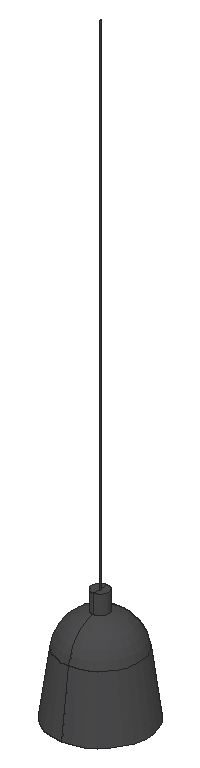
Revit family "Lighting_Pendants_Zero_Convex_Mini", category Lighting Fixtures, host Ceiling, Revit 2020
Family settings
  Host = Ceiling
  Round Connector Dimension = Use Diameter
  Part Type = Normal
  OmniClass Number = 23.80.70.00
  OmniClass Title = Lighting
  Always vertical = Yes
  Cut with Voids When Loaded = No
  Light Source = Yes
  Shared = No
  Room Calculation Point = No
Parameters (values of type "Convex mini 5W/422LM Black")
  Youtube clip = ""
  Weight Net (Kg) = "0"
  Wattage = 2.84095 W
  WarrantyStartDate [instance] = "n/a"
  WarrantyGuarantorParts = "n/a"
  WarrantyGuarantorLabor = "n/a"
  WarrantyDurationUnit = "Year"
  WarrantyDurationParts = "n/a"
  WarrantyDurationLabor = "n/a"
  WarrantyDescription = "n/a"
  built-in parameter 1150110 = 1 (stored number, unit not read)
  VersionDate = "31/08/2023"  # constant formula
  Version = "3"  # constant formula
  UsageCurrent = 0 A
  Uniformat II Description = ""
  Uniformat II Code = ""
  Uniclass2015Reference = "Pr_70_70_48_86"
  Uniclass2015Description = "Suspended luminaires"
  Uniclass2 = "Pr_70_70_49_86"
  Uniclass 2015 Name = ""
  Uniclass 2015 Code = ""
  Uniclass 2.0 Description = ""
  Uniclass 2.0 Code = ""
  Uniclass 1.4 Description = ""
  Uniclass 1.4 Code = ""
  URL = "https://www.zerolighting.com/pendants#/convexmini-inompe"
  UNSPSC Code = ""
  TotalWattage = 5 W
  built-in parameter 1114217 = 1 (stored number, unit not read)
  Tilt Angle = 90.00°
  built-in parameter 1150109 = 1 (stored number, unit not read)
  built-in parameter 1150134 = (empty or 0)
  Technical description = ""
  TagNumber [instance] = "n/a"
  SustainabilityPerformance = "n/a"
  built-in parameter 1150113 = 1 (stored number, unit not read)
  Size = "124x124x124 mm"
  Shape = "Sculptured"
  SerialNumber [instance] = "n/a"
  Revision = "2"  # constant formula
  ReplacementCost = "n/a"
  Region South America = "All"
  Region Oceania = "All"
  Region North America = "All"
  Region Middle East = "All"
  Region Europe = "All"
  Region Asia = "All"
  Region Antarctica = "All"
  Region Africa = "All"
  ProductInformation = "Another of Zero’s big, popular families, Convex Mini is now the smallest pendant fixture in the family. It looks great in groups: individually or together with members of the same family. Standard versions available in black, white and galvanised metal. Convex comes with a dimmable GU10 LED 5W or 7W."
  ProductDatasheet = "https://static1.squarespace.com/static/5943d7dcc534a5f4dd214abc/t/5da03274a9044208b662bb0c/1570779770464/Convex-Mini.pdf"
  Product group = "Pendants"
  Product family = "Convex"
  Product certification = ""
  Product SKU = "Convex_Mini"
  Product Guid = "79cee778-a27e-4344-81be-e75fb380c960"
  Photometric Web File = "Convex8408-1-2700K.IES"
  PhaseReference = "n/a"
  PhaseAngle = 0.00°
  OmniClass Description = ""
  OmniClass Code = ""
  NumberOfSources = 0
  NumberOfPoles = 1
  Nominal_Width = 124 mm
  Nominal_Radius = 62 mm
  Nominal_Length = 124 mm
  Nominal_Height = 185 mm
  Nominal_Diameter = 124 mm
  NominalVoltageCalc = 0 V
  NominalVoltage = 230 V
  NominalFrequencyRange = 50 Hz
  NominalCurrent = 0 A
  Nominal width = 0 mm
  Nominal height = 0 mm
  Name = "Zero_Convex_Mini"  # constant formula
  NBSReference = "90-60-50/405"
  NBSDescription = "General purpose luminaires"
  NBS Reference Description = ""
  NBS Reference Code = ""
  ModelReference = ArticleNumber  # "8408106-27"
  ModelNumber = "n/a"
  Model = "Convex mini 5W/422LM Black"
  Material secondary = ""
  Material main = ""
  Material = "Metal & plastic"
  Masterformat 2014 Description = ""
  Masterformat 2014 Code = ""
  ManufacturersSpecificInformation = "n/a"
  ManufacturerURL = "https://www.zerolighting.com/"
  ManufacturerName = "Zero"
  Manufacturer name = "ZERO"
  Manufacturer country = ""
  Manufacturer = "Zero"
  MaintenanceFactor = 0
  Lumens = 422 lm
  built-in parameter 1150115 = 1 (stored number, unit not read)
  built-in parameter 1150105 = 724.26 (stored number, unit not read)
  LightFixtureTertiaryMaterial = Black 9005 RAL
  LightFixturePlacingType = "Ceiling"
  LightFixtureMountingType = "Suspended"
  LightFixtureMainMaterial = Black 9005 RAL
  built-in parameter 1150137 = (empty or 0)
  built-in parameter 1150139 = (empty or 0)
  LensMaterial = Mat Acrylic
  built-in parameter 1150112 = 1 (stored number, unit not read)
  built-in parameter 1150114 = 1 (stored number, unit not read)
  InsulationStandardClass = "n/a"
  InstallationDate [instance] = "n/a"
  Installation instructions = ""
  built-in parameter 1150132 = 2
  built-in parameter 1150102 = (empty or 0)
  built-in parameter 1150138 = (empty or 0)
  built-in parameter 1150107 = 2700 (stored number, unit not read)
  built-in parameter 1150106 = 7.2426 (stored number, unit not read)
  IfcExportType = "NOTDEFINED"  # constant formula
  IfcExportAs = "IfcLightFixtureType"  # constant formula
  IP_Code = "IP20"
  IFC Classification = ""
  HasProtectiveEarth = no
  Grade = "n/a"
  GTIN code = ""
  Finish = "Painted metal. Grey RAL 9006, black NCS S 9000N.Black RAL 9005,white RAL 9010 or galvanized. Other colours on request."
  Features = "Terminal block 3x4mm2 in ceiling cup"
  ExpectedLife = "n/a"
  ElectricalDeviceNominalPower = 5
  built-in parameter 1150104 = 13.8 (stored number, unit not read)
  Edition number = 1
  EANNumber = ""
  DurationUnit = "Year"
  Dimming Lamp Color Temperature Shift = <None>
  Designer = "Jens Fager"
  Design country = ""
  Description = "Another of Zero’s big, popular families, Convex Mini is now the smallest pendant fixture in the family. It looks great in groups: individually or together with members of the same family. Standard versions available in black, white and galvanised metal. Convex comes with a dimmable GU10 LED 5W or 7W."
  DefaultElevation = 0 mm
  Default Elevation = 0 mm
  Date of publishing = ""
  Constituents = "n/a"
  Color Filter = 16777215
  Color = "Black"
  Collection = "Convex"
  CodePerformance = "n/a"
  Category = "Pendant Fixtures"
  TotalHeight [instance] = 800 mm
  TotalHeightControl [instance] = if(TotalHeight < 300 mm, 300 mm, (if(TotalHeight > 2500 mm, 2500 mm, TotalHeight)))  # 800 mm
  CRI = "90"
  COBIe Type Category = ""
  Brand url = "http://www.zero.se"
  Brand = "Zero"
  Barcode [instance] = "n/a"
  built-in parameter 1114218 = 1 (stored number, unit not read)
  BIMObjectName = "Lighting_Pendants_Zero_Convex_Mini"  # constant formula
  Author = "BIMstone"  # constant formula
  built-in parameter 1150133 = 10 (stored number, unit not read)
  AssetType = "Fixed"
  AssetIdentifier [instance] = "n/a"
  ArticleNumber = "8408106-27"
  AccessibilityPerformance = "n/a"
Types (6, lengths in mm): name | Wattage | TotalWattage | Photometric Web File | ModelReference | Model | Lumens | built-in parameter 1150105 | LightFixtureTertiaryMaterial | LightFixtureMainMaterial | built-in parameter 1150107 | built-in parameter 1150106 | ElectricalDeviceNominalPower | Color | CRI | ArticleNumber
  Convex mini 5W/422LM White | 2.84095 W | 5 W | "Convex8408-1-2700K.IES" | "8408101-27" | "Convex mini 5W/422LM White" | 422 lm | 724.26 (stored number, unit not read) | White RAL 9010 | White RAL 9010 | 2700 (stored number, unit not read) | 7.2426 (stored number, unit not read) | 5 | "White" | "90" | "8408101-27"
  Convex mini 5W/422LM Black | 2.84095 W | 5 W | "Convex8408-1-2700K.IES" | "8408106-27" | "Convex mini 5W/422LM Black" | 422 lm | 724.26 (stored number, unit not read) | Black 9005 RAL | Black 9005 RAL | 2700 (stored number, unit not read) | 7.2426 (stored number, unit not read) | 5 | "Black" | "90" | "8408106-27"
  Convex mini 7W/685LM Galvanized | 4.61149 W | 7 W | "Convex8408-1-30000K.IES" | "8408183-30" | "Convex mini 7W/685LM Galvanized" | 685 lm | 988.32 (stored number, unit not read) | Black 9005 RAL | Galvanized | 3000 (stored number, unit not read) | 9.8832 (stored number, unit not read) | 7 | "Silver" | "80" | "8408183-30"
  Convex mini 7W/685LM Black | 4.61149 W | 7 W | "Convex8408-1-30000K.IES" | "8408106-30" | "Convex mini 7W/685LM Black" | 685 lm | 988.32 (stored number, unit not read) | Black 9005 RAL | Black 9005 RAL | 3000 (stored number, unit not read) | 9.8832 (stored number, unit not read) | 7 | "Black" | "80" | "8408106-30"
  Convex mini 5W/422LM Galvanized | 2.84095 W | 5 W | "Convex8408-1-2700K.IES" | "8408183-27" | "Convex mini 5W/422LM Black" | 422 lm | 724.26 (stored number, unit not read) | Black 9005 RAL | Galvanized | 2700 (stored number, unit not read) | 7.2426 (stored number, unit not read) | 5 | "Silver" | "90" | "8408183-27"
  Convex mini 7W/685LM White | 4.61149 W | 7 W | "Convex8408-1-30000K.IES" | "8408101-30" | "Convex mini 7W/685LM White" | 685 lm | 988.32 (stored number, unit not read) | White RAL 9010 | White RAL 9010 | 3000 (stored number, unit not read) | 9.8832 (stored number, unit not read) | 7 | "White" | "80" | "8408101-30"
Reference planes
  plane 1 "Light Source Axis (F/B)": y = 0
  plane 2: z = 0
  plane 3 "Light Source Axis (L/R)": x = 0
  plane 4 "Ceiling": z = 0
  plane 5 "Light Source Elevation": z = -800
  plane 6: y = 62
  plane 7: y = -62
  plane 8: x = -62
  plane 9: x = 62
  plane 10: z = -652
Forms (mm)
  Extrusion 1, solid, material "Black 9005 RAL" <- "LightFixtureTertiaryMaterial", detail levels medium+fine
    sketch origin (0, 51.698, -800) x (-1, 0, 0) y (0, -1, 0)
      loop
        circle (0, 51.698) r 1
    from 148 to 800
  Extrusion 2, solid, material "Black 9005 RAL" <- "LightFixtureMainMaterial", detail levels coarse
    sketch origin (0, 0, -800) x (-1, 0, 0) y (0, -1, 0)
      loop
        line (62, 62) -> (-62, 62) -> (-62, -62) -> (62, -62) -> (62, 62)
    from 0 to 800
Lines and regions (mm)
  symbolic lines, detail levels medium+fine
    curve 1: line (1, 0, -652) -> (1, 0, 0)
    curve 2: line (-1, 0, 0) -> (-1, 0, -652)
    curve 3: line (0, 1, -652) -> (0, 1, 0)
    curve 4: line (0, -1, 0) -> (0, -1, -652)
Dimensions and locks
  equal spacing: host sketch curve, plane 3 "Light Source Axis (L/R)", host sketch curve
  equal spacing: host sketch curve, plane 1 "Light Source Axis (F/B)", host sketch curve
  host sketch curve to host sketch curve = 4000 mm  (x2)
  locked: plane 4 "Ceiling" to host ceiling
  equal spacing: plane 6, plane 1 "Light Source Axis (F/B)", plane 7
  "Nominal_Width": plane 6 to plane 7
  equal spacing: plane 8, plane 3 "Light Source Axis (L/R)", plane 9
  "Nominal_Length": plane 8 to plane 9
  locked: plane 5 "Light Source Elevation" to plane 10 at 148
  "TotalHeightControl": plane 5 "Light Source Elevation" to level
  aligned and locked: plane 3 "Light Source Axis (L/R)" to imposter light
  aligned and locked: plane 1 "Light Source Axis (F/B)" to imposter light
  aligned and locked: plane 5 "Light Source Elevation" to imposter light
  aligned and locked: plane 10 to Extrusion 1
  aligned and locked: level to Extrusion 1
  aligned and locked: plane 5 "Light Source Elevation" to nested 1
  aligned and locked: level to Extrusion 2
  aligned and locked: plane 5 "Light Source Elevation" to Extrusion 2
Automatic sketch dimensions
  Extrusion 1 sketch curve to Extrusion 1 sketch curve = 0 mm  (x2)
  Extrusion 1 sketch curve to plane 3 "Light Source Axis (L/R)" = 0 mm
  plane 1 "Light Source Axis (F/B)" to Extrusion 1 sketch curve = 0 mm
  Extrusion 1 sketch curve to Extrusion 1 sketch curve = 1 mm
  curve 2 to level = 0 mm
  curve 2 to plane 10 = 0 mm
  curve 1 to level = 0 mm
  curve 1 to plane 10 = 0 mm
  curve 2 to plane 3 "Light Source Axis (L/R)" = 1 mm
  plane 3 "Light Source Axis (L/R)" to curve 1 = 1 mm
  curve 4 to level = 0 mm
  plane 10 to curve 4 = 0 mm
  curve 3 to level = 0 mm
  plane 10 to curve 3 = 0 mm
  plane 1 "Light Source Axis (F/B)" to curve 4 = 1 mm
  curve 3 to plane 1 "Light Source Axis (F/B)" = 1 mm
  Extrusion 2 sketch curve to plane 7 = 0 mm
  Extrusion 2 sketch curve to plane 9 = 0 mm
  Extrusion 2 sketch curve to plane 6 = 0 mm
  Extrusion 2 sketch curve to plane 8 = 0 mm
Nested families
  nested 1: "Convex-mini" at (0, 0, -800), Material1 <- "LightFixtureMainMaterial", Material2 <- "LensMaterial", type "Convex-mini"
    with Material2 Mat Acrylic, Material1 Black 9005 RAL
Connectors
  electrical at (0, 0, 0), driven by "NominalVoltage"
    settings: on Extrusion 1, index 1, voltage 230 V, apparent load 0 VA, apparent load phase1 0 VA, apparent load phase2 0 VA, apparent load phase3 0 VA, power factor 1, load classification "Other", number of poles 1, system type 31, power factor state 1, is connector primary yes, connector utility no, sub classification motor no, connector description ""
Definition of nested family "Convex-mini"
  Parameters (values of type "Convex-mini")
    Material2 [instance] = none
    Material1 [instance] = none
    Default Elevation = 0 mm
  Reference planes
    plane 1 "Center (Front/Back)": y = 0
    plane 2: z = 0
    plane 3 "Center (Left/Right)": x = 0
  Forms (mm)
    Revolve 1, solid, material <- "Material1", detail levels medium+fine
      sketch origin (0, 0, 0) x (0, 1, 0) y (0, 0, 1)
        loop
          line (60.485, 0) -> (62, 0) -> (50.532, 81.6)
          arc (50.532, 81.6) -> (37.095, 109.328) -> (10, 124) r 50.247
          line (10, 124) -> (0, 124) -> (0, 122.5) -> (9.86, 122.5)
          arc (9.86, 122.5) -> (36.058, 108.242) -> (49.046, 81.391) r 48.747
          line (49.046, 81.391) -> (60.485, 0)
        axis (0, 124) -> (0, 0)
      angle from 0 to 360
    Revolve 2, solid, material <- "Material1", detail levels medium+fine
      sketch origin (0, 0, -116.883) x (0, 1, 0) y (0, 0, 1)
        loop
          line (11, 240.883) -> (11, 264.883) -> (0, 264.883) -> (0, 240.883) -> (11, 240.883)
        axis (0, 264.883) -> (0, 240.883)
      angle from 0 to 360
    Revolve 3, solid, material <- "Material2", detail levels medium+fine
      sketch origin (0, 0, 0) x (1, 0, 0) y (0, 0, 1)
        loop
          line (-21.037, 27) -> (-21.037, 28) -> (-56, 28) -> (-56, 27) -> (-21.037, 27)
        axis (0, 28) -> (0, 27)
      angle from 0 to 360
  Lines and regions (mm)
    symbolic lines, detail levels medium+fine
      curve 1: arc (0, 62, 0) -> (-62, 0, 0) -> (0, -62, 0) r 62
      curve 2: arc (0, -62, 0) -> (62, 0, 0) -> (0, 62, 0) r 62
      curve 10: line (0, 62, 0) -> (0, -62, 0)
      curve 11: line (0, 62, 0) -> (0, 50.442, 82.237)
      curve 12: arc (0, 50.442, 82.237) -> (0, 46.717, 95.231) -> (0, 39.554, 106.694) r 48.562
      curve 13: arc (0, 39.554, 106.694) -> (0, 26.708, 117.708) -> (0, 11, 124) r 51.856
      curve 14: line (0, 0, 148) -> (0, 11, 148)
      curve 15: line (0, 11, 148) -> (0, 11, 124)
      curve 16: line (0, -62, 0) -> (0, -50.442, 82.237)
      curve 17: arc (0, -50.442, 82.237) -> (0, -46.717, 95.231) -> (0, -39.554, 106.694) r 48.562
      curve 18: arc (0, -39.554, 106.694) -> (0, -26.708, 117.708) -> (0, -11, 124) r 51.856
      curve 19: line (0, 0, 148) -> (0, -11, 148)
      curve 20: line (0, -11, 148) -> (0, -11, 124)
      curve 21: line (-62, 0, 0) -> (62, 0, 0)
      curve 22: line (-62, 0, 0) -> (-50.866, 0, 79.221)
      curve 23: arc (-50.866, 0, 79.221) -> (-47.13, 0, 93.164) -> (-40.132, 0, 105.789) r 59.223
      curve 25: arc (-11, 0, 124) -> (-27.335, 0, 117.725) -> (-40.132, 0, 105.789) r 45.875
      curve 26: line (-11, 0, 124) -> (-11, 0, 148)
      curve 27: line (-11, 0, 148) -> (0, 0, 148)
      curve 28: line (62, 0, 0) -> (50.866, 0, 79.221)
      curve 29: arc (50.866, 0, 79.221) -> (47.13, 0, 93.164) -> (40.132, 0, 105.789) r 59.223
      curve 30: arc (11, 0, 124) -> (27.335, 0, 117.725) -> (40.132, 0, 105.789) r 45.875
      curve 31: line (11, 0, 124) -> (11, 0, 148)
      curve 32: line (11, 0, 148) -> (0, 0, 148)
    symbolic lines, detail levels fine
      curve 3: arc (0, -60.485, 0) -> (-60.485, 0, 0) -> (0, 60.485, 0) r 60.485
      curve 4: arc (0, 60.485, 0) -> (60.485, 0, 0) -> (0, -60.485, 0) r 60.485
      curve 5: arc (-56, 0, 0) -> (0, 56, 0) -> (56, 0, 0) r 56
      curve 6: arc (56, 0, 0) -> (0, -56, 0) -> (-56, 0, 0) r 56
      curve 7: arc (21.037, 0, 0) -> (0, -21.037, 0) -> (-21.037, 0, 0) r 21.037
      curve 8: arc (-21.037, 0, 0) -> (0, 21.037, 0) -> (21.037, 0, 0) r 21.037
      curve 9: line (0, 11, 124) -> (0, -11, 124)
      curve 24: line (11, 0, 124) -> (-11, 0, 124)
  Dimensions and locks
    aligned and locked: level to plane 2
